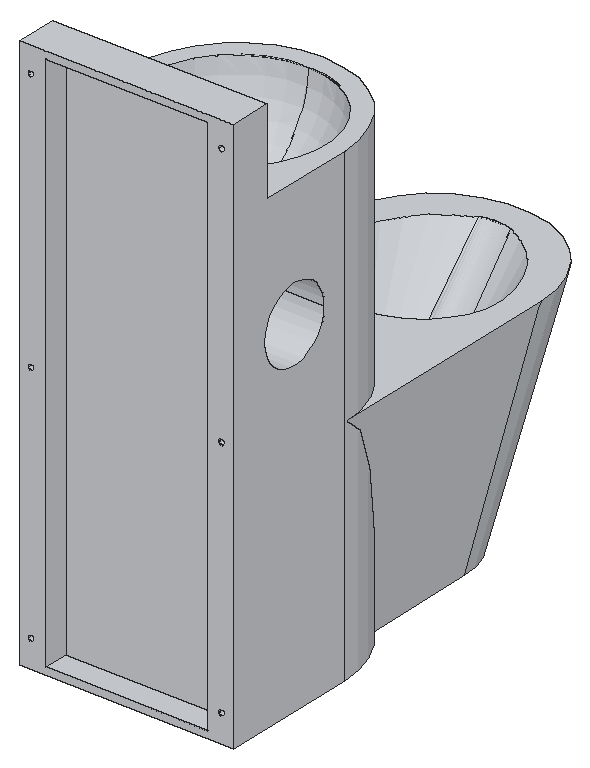
Revit family "AX6801_0014", category Appareils sanitaires, Revit 2016
Family settings
  Hôte = Mur
  Type d'élément = Normal
  Cote de connecteur circulaire = Utiliser le diamètre
  Numéro OmniClass = 23.75.00.00
  Titre OmniClass = Climate Control (HVAC)
  Toujours verticalement = Oui
  Couper avec des vides une fois chargée = Non
  Partagée = Non
  Point de calcul de pièce = Non
Parameters (values of type "Type 1")
  URL = "http://www.axeuro.com/fr/combines-3-en-1/15075-combine-ax6801.html?search_query=ax6801&results=3"
  Type de produit / Type of product = "Combiné : lavabo, WC, porte papier toilette / Combo unit"  # constant formula
  Référence / Reference = "AX6801"  # constant formula
  Model = ""
  Manufacturer = ""
  Entreprise / Company = "Axeuro"  # constant formula
  Description = ""
Reference planes
  plane 1 "Mur": y = 0
  plane 2 "Centre (gauche/droite)": x = 0
  plane 3 "Arrière": y = 75
Forms (mm)
  Extrusion 1, solid
    sketch origin (-185, 0, 0) x (0, 1, 0) y (0, 0, 1)
      loop
        line (75, 0) -> (147.006, 0) -> (147.006, 967) -> (75, 967) -> (75, 0)
    from 0 to 370
  Extrusion 2, solid
    sketch origin (0, 0, 0) x (1, 0, 0) y (0, 1, 0)
      loop
        line (-185, 147.006) -> (185, 147.006) -> (185, 314.547)
        arc (185, 314.547) -> (0, 499.547) -> (-185, 314.547) r 185
        line (-185, 314.547) -> (-185, 147.006)
    from 0 to 819.987
  Revolve 3, void
    sketch origin (0, -413.872, 253.295) x (0, 1, 0) y (0, 0, 1)
      loop
        line (880.878, 566.693) -> (725.878, 566.693) -> (725.878, 411.693)
        arc (725.878, 411.693) -> (835.48, 457.091) -> (880.878, 566.693) r 155
      axis (725.878, 566.693) -> (725.878, 411.693)
    angle from 0 to 360
  Extrusion 4, solid
    sketch origin (0, 0, 241.609) x (1, 0, 0) y (0, 1, 0)
      loop
        circle (0, 312.006) r 22.5
    from 422.393 to 425
  Extrusion 5, void
    sketch origin (0, 0, 241.609) x (1, 0, 0) y (0, 1, 0)
      loop
        circle (0, 312.006) r 3
    from 422.393 to 425
  Extrusion 6, void
    sketch origin (-277.705, 168.993, 241.609) x (-0.5, 0.866025, 0) y (-0.866025, -0.5, 0)
      loop
        circle (0, -312.006) r 3
    from 422.393 to 425
  Extrusion 7, void
    sketch origin (15, 0, 241.609) x (1, 0, 0) y (0, 1, 0)
      loop
        circle (0, 312.006) r 3
    from 422.393 to 425
  Extrusion 8, void
    sketch origin (277.705, 168.993, 241.609) x (0.5, 0.866025, 0) y (-0.866025, 0.5, 0)
      loop
        circle (0, 312.006) r 3
    from 422.393 to 425
  Extrusion 9, void
    sketch origin (277.705, 455.018, 241.609) x (0.5, -0.866025, 0) y (0.866025, 0.5, 0)
      loop
        circle (0, -312.006) r 3
    from 422.393 to 425
  Extrusion 10, void
    sketch origin (-277.705, 455.018, 241.609) x (-0.5, -0.866025, 0) y (0.866025, -0.5, 0)
      loop
        circle (0, 312.006) r 3
    from 422.393 to 425
  Extrusion 11, void
    sketch origin (-15, 0, 241.609) x (-1, 0, 0) y (0, -1, 0)
      loop
        circle (0, -312.006) r 3
    from 422.393 to 425
  Blend 12, solid
    base sketch origin (0, -0.983, 0) x (1, 0, 0) y (0, 1, 0)
      loop
        arc (-131.176, 445) -> (0, 499.547) -> (131.176, 445) r 185
        line (131.176, 445) -> (131.176, 643.988)
        arc (131.176, 643.988) -> (0, 775.164) -> (-131.176, 643.988) r 131.176
        line (-131.176, 643.988) -> (-131.176, 445)
    top sketch origin (0, -0.983, 0) x (1, 0, 0) y (0, 1, 0)
      loop
        line (184.949, 318.885) -> (184.949, 740.823)
        arc (184.949, 740.823) -> (0, 925.772) -> (-184.949, 740.823) r 184.949
        line (-184.949, 740.823) -> (-184.949, 318.885)
        arc (-184.949, 318.885) -> (0, 499.547) -> (184.949, 318.885) r 185
    from 0 to 400
  Blend 13, void
    base sketch origin (0.022, 151.444, 50) x (1, 0, 0) y (0, 1, 0)
      loop
        arc (140.639, 528.028) -> (116.498, 642.904) -> (27.482, 719.424) r 182.833
        arc (27.482, 719.424) -> (0, 724.756) -> (-27.482, 719.424) r 73.493
        arc (-27.482, 719.424) -> (-116.498, 642.904) -> (-140.639, 528.028) r 182.833
        arc (-140.639, 528.028) -> (0, 418.127) -> (140.639, 528.028) r 144.938
    top sketch origin (0.022, 151.444, 50) x (1, 0, 0) y (0, 1, 0)
      loop
        circle (0, 455.974) r 34.5
    from 350 to 59.539
  Extrusion 14, void
    sketch origin (16.556, 0, 12) x (1, 0, 0) y (0, 0, 1)
      loop
        line (-156.556, 943) -> (-156.556, 0) -> (123.444, 0) -> (123.444, 943) -> (-156.556, 943)
    from -118.374 to -75
  Extrusion 15, void
    sketch origin (312.83, 0, -2.007) x (1, 0, 0) y (0, 0, 1)
      loop
        circle (-147.83, 49.894) r 5
    from -118.374 to -75
  Extrusion 16, void, not visible
    sketch origin (-220, 0, 0) x (1, 0, 0) y (0, 0, 1)
      loop
        circle (-147.83, 49.894) r 5
    from -118.374 to -75
  Extrusion 17, void, not visible
    sketch origin (110, 0, 0) x (1, 0, 0) y (0, 0, 1)
      loop
        circle (-147.83, 49.894) r 5
    from -118.374 to -75
  Extrusion 18, void
    sketch origin (-312.83, 0, -2.007) x (-1, 0, 0) y (0, 0, -1)
      loop
        circle (-147.83, -49.894) r 5
    from -118.374 to -75
  Extrusion 19, void
    sketch origin (312.83, 0, 417.993) x (1, 0, 0) y (0, 0, 1)
      loop
        circle (-147.83, 49.894) r 5
    from -118.374 to -75
  Extrusion 20, void
    sketch origin (-312.83, 0, 417.993) x (-1, 0, 0) y (0, 0, -1)
      loop
        circle (-147.83, -49.894) r 5
    from -118.374 to -75
  Extrusion 21, void
    sketch origin (312.83, 0, 872.993) x (1, 0, 0) y (0, 0, 1)
      loop
        circle (-147.83, 49.894) r 5
    from -118.374 to -75
  Extrusion 22, void
    sketch origin (-312.83, 0, 872.993) x (-1, 0, 0) y (0, 0, -1)
      loop
        circle (-147.83, -49.894) r 5
    from -118.374 to -75
  Extrusion 23, void
    sketch origin (0, -503.288, -140.456) x (0, 1, 0) y (0, 0, 1)
      loop
        circle (709.313, 740.443) r 65
    from 67.975 to 185
Cuts and joins
  Extrusion 5, Extrusion 6, Extrusion 7, Extrusion 8, Extrusion 9, Extrusion 10, Extrusion 11 cuts Extrusion 4
  Extrusion 14, Extrusion 15, Extrusion 18, Extrusion 19, Extrusion 20, Extrusion 21, Extrusion 22, Extrusion 23 cuts Extrusion 1
  Revolve 3, Extrusion 5, Extrusion 6, Extrusion 7, Extrusion 8, Extrusion 9, Extrusion 10, Extrusion 11, Blend 13, Extrusion 23 cuts Extrusion 2
  Blend 13 cuts Blend 12
  joined: Extrusion 1, Extrusion 2, Blend 12
Text (mm)
  text "Côté de la mise en place" at (-1820.995, 1116.779, 0), in view "Niveau de réf."
  text "Côté de la mise en place" at (0, 1334.055, 2976.191), in view "Gauche"
  text "Côté de la mise en place" at (0, 439.194, 2944.362), in view "Droite"
Dimensions and locks
  locked: plane 3 "Arrière" to host wall
  aligned and locked: plane 1 "Mur" to host wall
